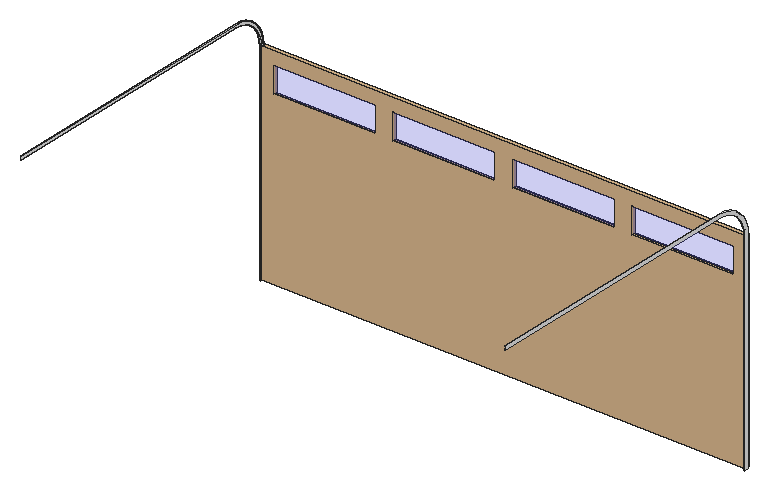
Revit family
Parameters (values of type "7Ft H x 16Ft W")
  Track Width = Width + 0' 2"  # 16' - 2"
  Track Height = Height + 1' 0"  # 8' - 0"
  Track Depth = 10' - 0"
  Track = Metal
  SmartBIM Object Version = 1  # constant formula
  SmartBIM Object Created By = "Reed Construction Data"  # constant formula
  Rough Width = 0' - 0"
  Rough Height = 0' - 0"
  Panel Thickness = 0' - 1 1/2"
  Manufacturer = ""
  Height = 7' - 0"
  Wall Closure = (empty or 0)
  Width = 16' - 0"
  Door Glass = Glass
  Door = Wood
  95 CSI = "08360"  # constant formula
  04 CSI = "08 36 13"  # constant formula
Types (3): name | Track Width | Width
  (no name) | 16' - 2" | 16' - 0"
  7Ft H x 8Ft W | 8' - 2" | 8' - 0"
  7Ft H x 16Ft W | 16' - 2" | 16' - 0"
Reference planes (in)
  plane 1 "Center (Front/Back)": y = 0
  plane 2 "Center (Left/Right)": x = 0
  plane 3 "Left": x = -96
  plane 4 "Right": x = 96
  plane 5 "Top": z = 84
  plane 6: x = -97
  plane 7: x = 97
  plane 8: y = -3.25
  plane 9: z = 68.25
  plane 10: z = 15.75
  plane 11: x = 48
  plane 12: x = -48
  plane 13: y = -2.5
  plane 14: y = -2.5
  plane 15 "Ext": y = -3.25
  plane 16: y = -2.5
  plane 17 "Int": y = -1.75
  plane 18: x = -72
  plane 19: x = -24
  plane 20: x = 24
  plane 21: x = 72
  plane 22: z = 73.75
  plane 23: z = 78.75
  plane 24: z = 5.25
  plane 25: z = 26.25
  plane 26: z = 36.75
  plane 27: z = 47.25
  plane 28: z = 57.75
  plane 29: z = 10.5
  plane 30: z = 15.75
  plane 31: z = 52.5
  plane 32: z = 73.5
  plane 33: z = 0
  plane 34: z = 63
  plane 35: z = 42
  plane 36: z = 21
  plane 37: z = 31.5
Forms (in)
  Extrusion 1, solid, material "Wood" <- "Door"
    sketch origin (0, 0, 0) x (1, 0, 0) y (0, 0, 1)
      loop
        line (-97, 84) -> (-97, 0) -> (97, 0) -> (97, 84) -> (-97, 84)
      loop
        line (92.5, 78.75) -> (51.5, 78.75) -> (51.5, 68.25) -> (92.5, 68.25) -> (92.5, 78.75)
      loop
        line (44.5, 78.75) -> (3.5, 78.75) -> (3.5, 68.25) -> (44.5, 68.25) -> (44.5, 78.75)
      loop
        line (-3.5, 68.25) -> (-3.5, 78.75) -> (-44.5, 78.75) -> (-44.5, 68.25) -> (-3.5, 68.25)
      loop
        line (-51.5, 78.75) -> (-92.5, 78.75) -> (-92.5, 68.25) -> (-51.5, 68.25) -> (-51.5, 78.75)
    from 1.75 to 3.25
  Extrusion 2, solid, material "Glass" <- "Door Glass"
    sketch origin (0, -2.25, 0) x (1, 0, 0) y (0, 0, 1)
      loop
        line (92.5, 78.75) -> (51.5, 78.75) -> (51.5, 68.25) -> (92.5, 68.25) -> (92.5, 78.75)
      loop
        line (44.5, 78.75) -> (3.5, 78.75) -> (3.5, 68.25) -> (44.5, 68.25) -> (44.5, 78.75)
      loop
        line (-3.5, 78.75) -> (-44.5, 78.75) -> (-44.5, 68.25) -> (-3.5, 68.25) -> (-3.5, 78.75)
      loop
        line (-51.5, 78.75) -> (-92.5, 78.75) -> (-92.5, 68.25) -> (-51.5, 68.25) -> (-51.5, 78.75)
    from 0 to 0.5
Lines and regions (in)
  Opening 1
    outline origin (-90, -1.75, 0) x (1, 0, 0) y (0, 0, 1)
      loop
        line (-6, 0) -> (186, 0) -> (186, 84) -> (-6, 84) -> (-6, 0)
  model lines
    curve 1: line (49.5, -1.75, 57.75) -> (49.5, -1.75, 47.25)
    curve 2: line (49.5, -1.75, 47.25) -> (94.5, -1.75, 47.25)
    curve 3: line (94.5, -1.75, 47.25) -> (94.5, -1.75, 57.75)
    curve 4: line (94.5, -1.75, 57.75) -> (49.5, -1.75, 57.75)
    curve 5: line (93, -1.75, 56.25) -> (51, -1.75, 56.25)
    curve 6: line (51, -1.75, 56.25) -> (51, -1.75, 48.75)
    curve 7: line (51, -1.75, 48.75) -> (93, -1.75, 48.75)
    curve 8: line (93, -1.75, 48.75) -> (93, -1.75, 56.25)
    curve 9: line (1.5, -1.75, 57.75) -> (1.5, -1.75, 47.25)
    curve 10: line (1.5, -1.75, 47.25) -> (46.5, -1.75, 47.25)
    curve 11: line (46.5, -1.75, 47.25) -> (46.5, -1.75, 57.75)
    curve 12: line (46.5, -1.75, 57.75) -> (1.5, -1.75, 57.75)
    curve 13: line (45, -1.75, 56.25) -> (3, -1.75, 56.25)
    curve 14: line (3, -1.75, 56.25) -> (3, -1.75, 48.75)
    curve 15: line (3, -1.75, 48.75) -> (45, -1.75, 48.75)
    curve 16: line (45, -1.75, 48.75) -> (45, -1.75, 56.25)
    curve 17: line (-1.5, -1.75, 57.75) -> (-1.5, -1.75, 47.25)
    curve 18: line (-1.5, -1.75, 47.25) -> (-46.5, -1.75, 47.25)
    curve 19: line (-46.5, -1.75, 47.25) -> (-46.5, -1.75, 57.75)
    curve 20: line (-46.5, -1.75, 57.75) -> (-1.5, -1.75, 57.75)
    curve 21: line (-45, -1.75, 56.25) -> (-3, -1.75, 56.25)
    curve 22: line (-3, -1.75, 56.25) -> (-3, -1.75, 48.75)
    curve 23: line (-3, -1.75, 48.75) -> (-45, -1.75, 48.75)
    curve 24: line (-45, -1.75, 48.75) -> (-45, -1.75, 56.25)
    curve 25: line (-94.5, -1.75, 57.75) -> (-94.5, -1.75, 47.25)
    curve 26: line (-94.5, -1.75, 47.25) -> (-49.5, -1.75, 47.25)
    curve 27: line (-49.5, -1.75, 47.25) -> (-49.5, -1.75, 57.75)
    curve 28: line (-49.5, -1.75, 57.75) -> (-94.5, -1.75, 57.75)
    curve 29: line (-51, -1.75, 56.25) -> (-93, -1.75, 56.25)
    curve 30: line (-93, -1.75, 56.25) -> (-93, -1.75, 48.75)
    curve 31: line (-93, -1.75, 48.75) -> (-51, -1.75, 48.75)
    curve 32: line (-51, -1.75, 48.75) -> (-51, -1.75, 56.25)
    curve 33: line (-94.5, -1.75, 36.75) -> (-94.5, -1.75, 26.25)
    curve 34: line (-94.5, -1.75, 26.25) -> (-49.5, -1.75, 26.25)
    curve 35: line (-49.5, -1.75, 26.25) -> (-49.5, -1.75, 36.75)
    curve 36: line (-49.5, -1.75, 36.75) -> (-94.5, -1.75, 36.75)
    curve 37: line (-51, -1.75, 35.25) -> (-93, -1.75, 35.25)
    curve 38: line (-93, -1.75, 35.25) -> (-93, -1.75, 27.75)
    curve 39: line (-93, -1.75, 27.75) -> (-51, -1.75, 27.75)
    curve 40: line (-51, -1.75, 27.75) -> (-51, -1.75, 35.25)
    curve 41: line (-46.5, -1.75, 36.75) -> (-46.5, -1.75, 26.25)
    curve 42: line (-46.5, -1.75, 26.25) -> (-1.5, -1.75, 26.25)
    curve 43: line (-1.5, -1.75, 26.25) -> (-1.5, -1.75, 36.75)
    curve 44: line (-1.5, -1.75, 36.75) -> (-46.5, -1.75, 36.75)
    curve 45: line (-3, -1.75, 35.25) -> (-45, -1.75, 35.25)
    curve 46: line (-45, -1.75, 35.25) -> (-45, -1.75, 27.75)
    curve 47: line (-45, -1.75, 27.75) -> (-3, -1.75, 27.75)
    curve 48: line (-3, -1.75, 27.75) -> (-3, -1.75, 35.25)
    curve 49: line (46.5, -1.75, 36.75) -> (46.5, -1.75, 26.25)
    curve 50: line (46.5, -1.75, 26.25) -> (1.5, -1.75, 26.25)
    curve 51: line (1.5, -1.75, 26.25) -> (1.5, -1.75, 36.75)
    curve 52: line (1.5, -1.75, 36.75) -> (46.5, -1.75, 36.75)
    curve 53: line (3, -1.75, 35.25) -> (45, -1.75, 35.25)
    curve 54: line (45, -1.75, 35.25) -> (45, -1.75, 27.75)
    curve 55: line (45, -1.75, 27.75) -> (3, -1.75, 27.75)
    curve 56: line (3, -1.75, 27.75) -> (3, -1.75, 35.25)
    curve 57: line (49.5, -1.75, 36.75) -> (49.5, -1.75, 26.25)
    curve 58: line (49.5, -1.75, 26.25) -> (94.5, -1.75, 26.25)
    curve 59: line (94.5, -1.75, 26.25) -> (94.5, -1.75, 36.75)
    curve 60: line (94.5, -1.75, 36.75) -> (49.5, -1.75, 36.75)
    curve 61: line (93, -1.75, 35.25) -> (51, -1.75, 35.25)
    curve 62: line (51, -1.75, 35.25) -> (51, -1.75, 27.75)
    curve 63: line (51, -1.75, 27.75) -> (93, -1.75, 27.75)
    curve 64: line (93, -1.75, 27.75) -> (93, -1.75, 35.25)
    curve 65: line (-94.5, -1.75, 5.25) -> (-94.5, -1.75, 15.75)
    curve 66: line (-94.5, -1.75, 15.75) -> (-49.5, -1.75, 15.75)
    curve 67: line (-49.5, -1.75, 15.75) -> (-49.5, -1.75, 5.25)
    curve 68: line (-49.5, -1.75, 5.25) -> (-94.5, -1.75, 5.25)
    curve 69: line (-51, -1.75, 6.75) -> (-93, -1.75, 6.75)
    curve 70: line (-93, -1.75, 6.75) -> (-93, -1.75, 14.25)
    curve 71: line (-93, -1.75, 14.25) -> (-51, -1.75, 14.25)
    curve 72: line (-51, -1.75, 14.25) -> (-51, -1.75, 6.75)
    curve 73: line (-1.5, -1.75, 5.25) -> (-1.5, -1.75, 15.75)
    curve 74: line (-1.5, -1.75, 15.75) -> (-46.5, -1.75, 15.75)
    curve 75: line (-46.5, -1.75, 15.75) -> (-46.5, -1.75, 5.25)
    curve 76: line (-46.5, -1.75, 5.25) -> (-1.5, -1.75, 5.25)
    curve 77: line (-45, -1.75, 6.75) -> (-3, -1.75, 6.75)
    curve 78: line (-3, -1.75, 6.75) -> (-3, -1.75, 14.25)
    curve 79: line (-3, -1.75, 14.25) -> (-45, -1.75, 14.25)
    curve 80: line (-45, -1.75, 14.25) -> (-45, -1.75, 6.75)
    curve 81: line (1.5, -1.75, 5.25) -> (1.5, -1.75, 15.75)
    curve 82: line (1.5, -1.75, 15.75) -> (46.5, -1.75, 15.75)
    curve 83: line (46.5, -1.75, 15.75) -> (46.5, -1.75, 5.25)
    curve 84: line (46.5, -1.75, 5.25) -> (1.5, -1.75, 5.25)
    curve 85: line (45, -1.75, 6.75) -> (3, -1.75, 6.75)
    curve 86: line (3, -1.75, 6.75) -> (3, -1.75, 14.25)
    curve 87: line (3, -1.75, 14.25) -> (45, -1.75, 14.25)
    curve 88: line (45, -1.75, 14.25) -> (45, -1.75, 6.75)
    curve 89: line (94.5, -1.75, 5.25) -> (94.5, -1.75, 15.75)
    curve 90: line (94.5, -1.75, 15.75) -> (49.5, -1.75, 15.75)
    curve 91: line (49.5, -1.75, 15.75) -> (49.5, -1.75, 5.25)
    curve 92: line (49.5, -1.75, 5.25) -> (94.5, -1.75, 5.25)
    curve 93: line (51, -1.75, 6.75) -> (93, -1.75, 6.75)
    curve 94: line (93, -1.75, 6.75) -> (93, -1.75, 14.25)
    curve 95: line (93, -1.75, 14.25) -> (51, -1.75, 14.25)
    curve 96: line (51, -1.75, 14.25) -> (51, -1.75, 6.75)
    curve 97: line (3, -1.75, 56.25) -> (1.5, -1.75, 57.75)
    curve 98: line (3, -1.75, 48.75) -> (1.5, -1.75, 47.25)
    curve 99: line (45, -1.75, 56.25) -> (46.5, -1.75, 57.75)
    curve 100: line (45, -1.75, 48.75) -> (46.5, -1.75, 47.25)
    curve 101: line (93, -1.75, 56.25) -> (94.5, -1.75, 57.75)
    curve 102: line (93, -1.75, 48.75) -> (94.5, -1.75, 47.25)
    curve 103: line (51, -1.75, 56.25) -> (49.5, -1.75, 57.75)
    curve 104: line (51, -1.75, 48.75) -> (49.5, -1.75, 47.25)
    curve 105: line (93, -1.75, 27.75) -> (94.5, -1.75, 26.25)
    curve 106: line (93, -1.75, 35.25) -> (94.5, -1.75, 36.75)
    curve 107: line (51, -1.75, 27.75) -> (49.5, -1.75, 26.25)
    curve 108: line (51, -1.75, 35.25) -> (49.5, -1.75, 36.75)
    curve 109: line (93, -1.75, 14.25) -> (94.5, -1.75, 15.75)
    curve 110: line (93, -1.75, 6.75) -> (94.5, -1.75, 5.25)
    curve 111: line (51, -1.75, 14.25) -> (49.5, -1.75, 15.75)
    curve 112: line (51, -1.75, 6.75) -> (49.5, -1.75, 5.25)
    curve 113: line (3, -1.75, 14.25) -> (1.5, -1.75, 15.75)
    curve 114: line (3, -1.75, 6.75) -> (1.5, -1.75, 5.25)
    curve 115: line (45, -1.75, 14.25) -> (46.5, -1.75, 15.75)
    curve 116: line (45, -1.75, 6.75) -> (46.5, -1.75, 5.25)
    curve 117: line (-3, -1.75, 14.25) -> (-1.5, -1.75, 15.75)
    curve 118: line (-3, -1.75, 6.75) -> (-1.5, -1.75, 5.25)
    curve 119: line (-45, -1.75, 14.25) -> (-46.5, -1.75, 15.75)
    curve 120: line (-45, -1.75, 6.75) -> (-46.5, -1.75, 5.25)
    curve 121: line (-93, -1.75, 14.25) -> (-94.5, -1.75, 15.75)
    curve 122: line (-93, -1.75, 6.75) -> (-94.5, -1.75, 5.25)
    curve 123: line (-51, -1.75, 14.25) -> (-49.5, -1.75, 15.75)
    curve 124: line (-51, -1.75, 6.75) -> (-49.5, -1.75, 5.25)
    curve 125: line (-93, -1.75, 27.75) -> (-94.5, -1.75, 26.25)
    curve 126: line (-93, -1.75, 35.25) -> (-94.5, -1.75, 36.75)
    curve 127: line (-51, -1.75, 27.75) -> (-49.5, -1.75, 26.25)
    curve 128: line (-51, -1.75, 35.25) -> (-49.5, -1.75, 36.75)
    curve 129: line (-3, -1.75, 27.75) -> (-1.5, -1.75, 26.25)
    curve 130: line (-3, -1.75, 35.25) -> (-1.5, -1.75, 36.75)
    curve 131: line (-45, -1.75, 27.75) -> (-46.5, -1.75, 26.25)
    curve 132: line (-45, -1.75, 35.25) -> (-46.5, -1.75, 36.75)
    curve 133: line (3, -1.75, 27.75) -> (1.5, -1.75, 26.25)
    curve 134: line (3, -1.75, 35.25) -> (1.5, -1.75, 36.75)
    curve 135: line (45, -1.75, 27.75) -> (46.5, -1.75, 26.25)
    curve 136: line (45, -1.75, 35.25) -> (46.5, -1.75, 36.75)
    curve 137: line (-3, -1.75, 56.25) -> (-1.5, -1.75, 57.75)
    curve 138: line (-3, -1.75, 48.75) -> (-1.5, -1.75, 47.25)
    curve 139: line (-45, -1.75, 56.25) -> (-46.5, -1.75, 57.75)
    curve 140: line (-45, -1.75, 48.75) -> (-46.5, -1.75, 47.25)
    curve 141: line (-93, -1.75, 56.25) -> (-94.5, -1.75, 57.75)
    curve 142: line (-93, -1.75, 48.75) -> (-94.5, -1.75, 47.25)
    curve 143: line (-51, -1.75, 56.25) -> (-49.5, -1.75, 57.75)
    curve 144: line (-51, -1.75, 48.75) -> (-49.5, -1.75, 47.25)
    curve 145: line (93, -3.25, 56.25) -> (51, -3.25, 56.25)
    curve 146: line (51, -3.25, 56.25) -> (51, -3.25, 48.75)
    curve 147: line (51, -3.25, 48.75) -> (93, -3.25, 48.75)
    curve 148: line (93, -3.25, 48.75) -> (93, -3.25, 56.25)
    curve 149: line (45, -3.25, 56.25) -> (3, -3.25, 56.25)
    curve 150: line (3, -3.25, 56.25) -> (3, -3.25, 48.75)
    curve 151: line (3, -3.25, 48.75) -> (45, -3.25, 48.75)
    curve 152: line (45, -3.25, 48.75) -> (45, -3.25, 56.25)
    curve 153: line (-45, -3.25, 56.25) -> (-3, -3.25, 56.25)
    curve 154: line (-3, -3.25, 56.25) -> (-3, -3.25, 48.75)
    curve 155: line (-3, -3.25, 48.75) -> (-45, -3.25, 48.75)
    curve 156: line (-45, -3.25, 48.75) -> (-45, -3.25, 56.25)
    curve 157: line (-51, -3.25, 56.25) -> (-93, -3.25, 56.25)
    curve 158: line (-93, -3.25, 56.25) -> (-93, -3.25, 48.75)
    curve 159: line (-93, -3.25, 48.75) -> (-51, -3.25, 48.75)
    curve 160: line (-51, -3.25, 48.75) -> (-51, -3.25, 56.25)
    curve 161: line (-51, -3.25, 35.25) -> (-93, -3.25, 35.25)
    curve 162: line (-93, -3.25, 35.25) -> (-93, -3.25, 27.75)
    curve 163: line (-93, -3.25, 27.75) -> (-51, -3.25, 27.75)
    curve 164: line (-51, -3.25, 27.75) -> (-51, -3.25, 35.25)
    curve 165: line (-3, -3.25, 35.25) -> (-45, -3.25, 35.25)
    curve 166: line (-45, -3.25, 35.25) -> (-45, -3.25, 27.75)
    curve 167: line (-45, -3.25, 27.75) -> (-3, -3.25, 27.75)
    curve 168: line (-3, -3.25, 27.75) -> (-3, -3.25, 35.25)
    curve 169: line (3, -3.25, 35.25) -> (45, -3.25, 35.25)
    curve 170: line (45, -3.25, 35.25) -> (45, -3.25, 27.75)
    curve 171: line (45, -3.25, 27.75) -> (3, -3.25, 27.75)
    curve 172: line (3, -3.25, 27.75) -> (3, -3.25, 35.25)
    curve 173: line (93, -3.25, 35.25) -> (51, -3.25, 35.25)
    curve 174: line (51, -3.25, 35.25) -> (51, -3.25, 27.75)
    curve 175: line (51, -3.25, 27.75) -> (93, -3.25, 27.75)
    curve 176: line (93, -3.25, 27.75) -> (93, -3.25, 35.25)
    curve 177: line (93, -3.25, 14.25) -> (51, -3.25, 14.25)
    curve 178: line (51, -3.25, 14.25) -> (51, -3.25, 6.75)
    curve 179: line (51, -3.25, 6.75) -> (93, -3.25, 6.75)
    curve 180: line (93, -3.25, 6.75) -> (93, -3.25, 14.25)
    curve 181: line (3, -3.25, 14.25) -> (45, -3.25, 14.25)
    curve 182: line (45, -3.25, 14.25) -> (45, -3.25, 6.75)
    curve 183: line (45, -3.25, 6.75) -> (3, -3.25, 6.75)
    curve 184: line (3, -3.25, 6.75) -> (3, -3.25, 14.25)
    curve 185: line (-3, -3.25, 14.25) -> (-45, -3.25, 14.25)
    curve 186: line (-45, -3.25, 14.25) -> (-45, -3.25, 6.75)
    curve 187: line (-45, -3.25, 6.75) -> (-3, -3.25, 6.75)
    curve 188: line (-3, -3.25, 6.75) -> (-3, -3.25, 14.25)
    curve 189: line (-93, -3.25, 14.25) -> (-51, -3.25, 14.25)
    curve 190: line (-51, -3.25, 14.25) -> (-51, -3.25, 6.75)
    curve 191: line (-51, -3.25, 6.75) -> (-93, -3.25, 6.75)
    curve 192: line (-93, -3.25, 6.75) -> (-93, -3.25, 14.25)
    curve 193: line (94.5, -3.25, 47.25) -> (94.5, -3.25, 57.75)
    curve 194: line (94.5, -3.25, 57.75) -> (49.5, -3.25, 57.75)
    curve 195: line (49.5, -3.25, 57.75) -> (49.5, -3.25, 47.25)
    curve 196: line (49.5, -3.25, 47.25) -> (94.5, -3.25, 47.25)
    curve 197: line (46.5, -3.25, 57.75) -> (1.5, -3.25, 57.75)
    curve 198: line (1.5, -3.25, 57.75) -> (1.5, -3.25, 47.25)
    curve 199: line (1.5, -3.25, 47.25) -> (46.5, -3.25, 47.25)
    curve 200: line (46.5, -3.25, 47.25) -> (46.5, -3.25, 57.75)
    curve 201: line (-1.5, -3.25, 47.25) -> (-46.5, -3.25, 47.25)
    curve 202: line (-46.5, -3.25, 47.25) -> (-46.5, -3.25, 57.75)
    curve 203: line (-46.5, -3.25, 57.75) -> (-1.5, -3.25, 57.75)
    curve 204: line (-1.5, -3.25, 57.75) -> (-1.5, -3.25, 47.25)
    curve 205: line (-94.5, -3.25, 57.75) -> (-94.5, -3.25, 47.25)
    curve 206: line (-94.5, -3.25, 47.25) -> (-49.5, -3.25, 47.25)
    curve 207: line (-49.5, -3.25, 47.25) -> (-49.5, -3.25, 57.75)
    curve 208: line (-49.5, -3.25, 57.75) -> (-94.5, -3.25, 57.75)
    curve 209: line (-94.5, -3.25, 36.75) -> (-94.5, -3.25, 26.25)
    curve 210: line (-94.5, -3.25, 26.25) -> (-49.5, -3.25, 26.25)
    curve 211: line (-49.5, -3.25, 26.25) -> (-49.5, -3.25, 36.75)
    curve 212: line (-49.5, -3.25, 36.75) -> (-94.5, -3.25, 36.75)
    curve 213: line (-1.5, -3.25, 36.75) -> (-46.5, -3.25, 36.75)
    curve 214: line (-46.5, -3.25, 36.75) -> (-46.5, -3.25, 26.25)
    curve 215: line (-46.5, -3.25, 26.25) -> (-1.5, -3.25, 26.25)
    curve 216: line (-1.5, -3.25, 26.25) -> (-1.5, -3.25, 36.75)
    curve 217: line (1.5, -3.25, 26.25) -> (1.5, -3.25, 36.75)
    curve 218: line (1.5, -3.25, 36.75) -> (46.5, -3.25, 36.75)
    curve 219: line (46.5, -3.25, 36.75) -> (46.5, -3.25, 26.25)
    curve 220: line (46.5, -3.25, 26.25) -> (1.5, -3.25, 26.25)
    curve 221: line (49.5, -3.25, 36.75) -> (49.5, -3.25, 26.25)
    curve 222: line (49.5, -3.25, 26.25) -> (94.5, -3.25, 26.25)
    curve 223: line (94.5, -3.25, 26.25) -> (94.5, -3.25, 36.75)
    curve 224: line (94.5, -3.25, 36.75) -> (49.5, -3.25, 36.75)
    curve 225: line (94.5, -3.25, 5.25) -> (94.5, -3.25, 15.75)
    curve 226: line (94.5, -3.25, 15.75) -> (49.5, -3.25, 15.75)
    curve 227: line (49.5, -3.25, 15.75) -> (49.5, -3.25, 5.25)
    curve 228: line (49.5, -3.25, 5.25) -> (94.5, -3.25, 5.25)
    curve 229: line (46.5, -3.25, 15.75) -> (46.5, -3.25, 5.25)
    curve 230: line (46.5, -3.25, 5.25) -> (1.5, -3.25, 5.25)
    curve 231: line (1.5, -3.25, 5.25) -> (1.5, -3.25, 15.75)
    curve 232: line (1.5, -3.25, 15.75) -> (46.5, -3.25, 15.75)
    curve 233: line (-1.5, -3.25, 5.25) -> (-1.5, -3.25, 15.75)
    curve 234: line (-1.5, -3.25, 15.75) -> (-46.5, -3.25, 15.75)
    curve 235: line (-46.5, -3.25, 15.75) -> (-46.5, -3.25, 5.25)
    curve 236: line (-46.5, -3.25, 5.25) -> (-1.5, -3.25, 5.25)
    curve 237: line (-94.5, -3.25, 15.75) -> (-49.5, -3.25, 15.75)
    curve 238: line (-49.5, -3.25, 15.75) -> (-49.5, -3.25, 5.25)
    curve 239: line (-49.5, -3.25, 5.25) -> (-94.5, -3.25, 5.25)
    curve 240: line (-94.5, -3.25, 5.25) -> (-94.5, -3.25, 15.75)
    curve 241: line (93, -3.25, 56.25) -> (94.5, -3.25, 57.75)
    curve 242: line (51, -3.25, 56.25) -> (49.5, -3.25, 57.75)
    curve 243: line (51, -3.25, 48.75) -> (49.5, -3.25, 47.25)
    curve 244: line (93, -3.25, 48.75) -> (94.5, -3.25, 47.25)
    curve 245: line (45, -3.25, 48.75) -> (46.5, -3.25, 47.25)
    curve 246: line (45, -3.25, 56.25) -> (46.5, -3.25, 57.75)
    curve 247: line (3, -3.25, 56.25) -> (1.5, -3.25, 57.75)
    curve 248: line (3, -3.25, 48.75) -> (1.5, -3.25, 47.25)
    curve 249: line (-3, -3.25, 56.25) -> (-1.5, -3.25, 57.75)
    curve 250: line (-3, -3.25, 48.75) -> (-1.5, -3.25, 47.25)
    curve 251: line (-45, -3.25, 48.75) -> (-46.5, -3.25, 47.25)
    curve 252: line (-45, -3.25, 56.25) -> (-46.5, -3.25, 57.75)
    curve 253: line (-51, -3.25, 56.25) -> (-49.5, -3.25, 57.75)
    curve 254: line (-51, -3.25, 48.75) -> (-49.5, -3.25, 47.25)
    curve 255: line (-93, -3.25, 56.25) -> (-94.5, -3.25, 57.75)
    curve 256: line (-93, -3.25, 48.75) -> (-94.5, -3.25, 47.25)
    curve 257: line (-93, -3.25, 35.25) -> (-94.5, -3.25, 36.75)
    curve 258: line (-93, -3.25, 27.75) -> (-94.5, -3.25, 26.25)
    curve 259: line (-51, -3.25, 27.75) -> (-49.5, -3.25, 26.25)
    curve 260: line (-51, -3.25, 35.25) -> (-49.5, -3.25, 36.75)
    curve 261: line (-45, -3.25, 35.25) -> (-46.5, -3.25, 36.75)
    curve 262: line (-45, -3.25, 27.75) -> (-46.5, -3.25, 26.25)
    curve 263: line (-3, -3.25, 35.25) -> (-1.5, -3.25, 36.75)
    curve 264: line (-3, -3.25, 27.75) -> (-1.5, -3.25, 26.25)
    curve 265: line (3, -3.25, 35.25) -> (1.5, -3.25, 36.75)
    curve 266: line (3, -3.25, 27.75) -> (1.5, -3.25, 26.25)
    curve 267: line (45, -3.25, 27.75) -> (46.5, -3.25, 26.25)
    curve 268: line (45, -3.25, 35.25) -> (46.5, -3.25, 36.75)
    curve 269: line (51, -3.25, 35.25) -> (49.5, -3.25, 36.75)
    curve 270: line (51, -3.25, 27.75) -> (49.5, -3.25, 26.25)
    curve 271: line (93, -3.25, 27.75) -> (94.5, -3.25, 26.25)
    curve 272: line (93, -3.25, 35.25) -> (94.5, -3.25, 36.75)
    curve 273: line (93, -3.25, 14.25) -> (94.5, -3.25, 15.75)
    curve 274: line (93, -3.25, 6.75) -> (94.5, -3.25, 5.25)
    curve 275: line (51, -3.25, 6.75) -> (49.5, -3.25, 5.25)
    curve 276: line (51, -3.25, 14.25) -> (49.5, -3.25, 15.75)
    curve 277: line (45, -3.25, 14.25) -> (46.5, -3.25, 15.75)
    curve 278: line (45, -3.25, 6.75) -> (46.5, -3.25, 5.25)
    curve 279: line (3, -3.25, 6.75) -> (1.5, -3.25, 5.25)
    curve 280: line (3, -3.25, 14.25) -> (1.5, -3.25, 15.75)
    curve 281: line (-3, -3.25, 14.25) -> (-1.5, -3.25, 15.75)
    curve 282: line (-3, -3.25, 6.75) -> (-1.5, -3.25, 5.25)
    curve 283: line (-45, -3.25, 14.25) -> (-46.5, -3.25, 15.75)
    curve 284: line (-45, -3.25, 6.75) -> (-46.5, -3.25, 5.25)
    curve 285: line (-51, -3.25, 14.25) -> (-49.5, -3.25, 15.75)
    curve 286: line (-51, -3.25, 6.75) -> (-49.5, -3.25, 5.25)
    curve 287: line (-93, -3.25, 14.25) -> (-94.5, -3.25, 15.75)
    curve 288: line (-93, -3.25, 6.75) -> (-94.5, -3.25, 5.25)
    curve 289: line (-112.67375, -1.75, 0) -> (112.32625, -1.75, 0)
    curve 290: line (97, -1.75, 64) -> (-97, -1.75, 64)
    curve 291: line (97, -1.75, 62) -> (-97, -1.75, 62)
    curve 292: line (97, -3.25, 62) -> (-97, -3.25, 62)
    curve 293: line (97, -3.25, 64) -> (-97, -3.25, 64)
Text (in)
  text "Exterior" at (-74.96733, 27.31104, 0), in view "Ref. Level"
  text "Interior" at (-76.69036, -30.31274, 0), in view "Ref. Level"
  text "Exterior" at (0, 40.15149, 123.01588), in view "Right"
  text "Interior" at (0, -64.39139, 123.01588), in view "Right"
  text "Interior" at (0, -31.01599, 123.00693), in view "Left"
  text "Exterior" at (0, 54.57065, 123.00693), in view "Left"
Dimensions and locks (in)
  equal spacing: plane 3 "Left", plane 2 "Center (Left/Right)", plane 4 "Right"
  "Width": plane 3 "Left" to plane 4 "Right"
  locked: plane 6 to plane 3 "Left" at 1
  locked: plane 4 "Right" to plane 7 at 1
  equal spacing: plane 2 "Center (Left/Right)", plane 11, plane 4 "Right"
  equal spacing: plane 2 "Center (Left/Right)", plane 12, plane 3 "Left"
  host wall to plane 13 to plane 8 = 0' - 0 3/4", 0' - 0 3/4"
  equal spacing: plane 15 "Ext", plane 16, plane 17 "Int"
  locked: curve 8 to curve 3 at 1.5
  locked: curve 6 to curve 1 at 1.5
  locked: curve 16 to curve 11 at 1.5
  locked: curve 14 to curve 9 at 1.5
  locked: curve 17 to curve 22 at 1.5
  locked: curve 32 to curve 27 at 1.5
  locked: curve 25 to curve 30 at 1.5
  "Panel Thickness": plane 17 "Int" to plane 15 "Ext"
  equal spacing: plane 11, plane 21, plane 4 "Right"
  equal spacing: plane 11, plane 20, plane 2 "Center (Left/Right)"
  equal spacing: plane 2 "Center (Left/Right)", plane 19, plane 12
  equal spacing: plane 3 "Left", plane 18, plane 12
  plane 22 to plane 9 = 0' - 5 1/2"
  "Height": level to plane 5 "Top"
  equal spacing: level, plane 24, plane 29, plane 30, plane 36, plane 25, plane 37, plane 26, plane 35, plane 27, plane 31, plane 28, plane 34, plane 9, plane 32, plane 23, plane 5 "Top"
  locked: Extrusion 2 to Extrusion 2 at 0.5
  locked: Extrusion 2 to Extrusion 1 at 0.5
  locked: plane 34 to curve 290 at 1
  locked: curve 291 to plane 34 at 1
  aligned and locked: plane 3 "Left" to Opening 1 sketch curve
  aligned and locked: plane 5 "Top" to Opening 1 sketch curve
  aligned and locked: Opening 1 sketch curve to plane 5 "Top"
  aligned and locked: Opening 1 sketch curve to plane 4 "Right"
  aligned and locked: Opening 1 sketch curve to level
  aligned and locked: Extrusion 1 sketch curve to plane 6
  aligned and locked: Extrusion 1 sketch curve to plane 7
  aligned and locked: Extrusion 1 sketch curve to level
  aligned and locked: Extrusion 1 sketch curve to host wall
  aligned and locked: plane 13 to plane 14
  aligned and locked: host wall to plane 17 "Int"
  aligned and locked: plane 14 to plane 16
  aligned and locked: plane 15 "Ext" to Extrusion 1
  aligned and locked: Extrusion 1 to host wall
  aligned and locked: curve 74 to plane 10
  aligned and locked: plane 24 to curve 76
  aligned and locked: plane 10 to curve 82
  aligned and locked: curve 84 to plane 24
  aligned and locked: curve 90 to plane 10
  aligned and locked: plane 24 to curve 92
  aligned and locked: plane 26 to curve 60
  aligned and locked: plane 26 to curve 52
  aligned and locked: plane 26 to curve 44
  aligned and locked: curve 44 to curve 36
  aligned and locked: plane 25 to curve 58
  aligned and locked: curve 50 to plane 25
  aligned and locked: plane 25 to curve 42
  aligned and locked: plane 25 to curve 34
  aligned and locked: plane 27 to curve 2
  aligned and locked: curve 10 to curve 2
  aligned and locked: curve 18 to plane 27
  aligned and locked: plane 27 to curve 26
  aligned and locked: plane 28 to curve 28
  aligned and locked: plane 28 to curve 20
  aligned and locked: curve 12 to plane 28
  aligned and locked: curve 4 to plane 28
  aligned and locked: curve 145 to curve 5
  aligned and locked: curve 146 to curve 6
  aligned and locked: curve 147 to curve 7
  aligned and locked: curve 148 to curve 8
  aligned and locked: curve 149 to curve 13
  aligned and locked: curve 150 to curve 14
  aligned and locked: curve 151 to curve 15
  aligned and locked: curve 152 to curve 16
  aligned and locked: curve 153 to curve 21
  aligned and locked: curve 154 to curve 22
  aligned and locked: curve 155 to curve 23
  aligned and locked: curve 156 to curve 24
  aligned and locked: curve 157 to curve 29
  aligned and locked: curve 158 to curve 30
  aligned and locked: curve 159 to curve 31
  aligned and locked: curve 160 to curve 32
  aligned and locked: curve 161 to curve 37
  aligned and locked: curve 162 to curve 38
  aligned and locked: curve 163 to curve 39
  aligned and locked: curve 164 to curve 40
  aligned and locked: curve 165 to curve 45
  aligned and locked: curve 166 to curve 46
  aligned and locked: curve 167 to curve 47
  aligned and locked: curve 168 to curve 48
  aligned and locked: curve 169 to curve 53
  aligned and locked: curve 170 to curve 54
  aligned and locked: curve 171 to curve 55
  aligned and locked: curve 172 to curve 56
  aligned and locked: curve 173 to curve 61
  aligned and locked: curve 174 to curve 62
  aligned and locked: curve 175 to curve 63
  aligned and locked: curve 176 to curve 64
  aligned and locked: curve 177 to curve 95
  aligned and locked: curve 178 to curve 96
  aligned and locked: curve 179 to curve 93
  aligned and locked: curve 180 to curve 94
  aligned and locked: curve 181 to curve 87
  aligned and locked: curve 182 to curve 88
  aligned and locked: curve 183 to curve 85
  aligned and locked: curve 184 to curve 86
  aligned and locked: curve 185 to curve 79
  aligned and locked: curve 186 to curve 80
  aligned and locked: curve 187 to curve 77
  aligned and locked: curve 188 to curve 78
  aligned and locked: curve 189 to curve 71
  aligned and locked: curve 190 to curve 72
  aligned and locked: curve 191 to curve 69
  aligned and locked: curve 192 to curve 70
  aligned and locked: curve 193 to curve 3
  aligned and locked: curve 194 to curve 4
  aligned and locked: curve 195 to curve 1
  aligned and locked: curve 196 to curve 2
  aligned and locked: curve 197 to curve 12
  aligned and locked: curve 198 to curve 9
  aligned and locked: curve 199 to curve 10
  aligned and locked: curve 200 to curve 11
  aligned and locked: curve 201 to curve 18
  aligned and locked: curve 202 to curve 19
  aligned and locked: curve 203 to curve 20
  aligned and locked: curve 204 to curve 17
  aligned and locked: curve 205 to curve 25
  aligned and locked: curve 206 to curve 26
  aligned and locked: curve 207 to curve 27
  aligned and locked: curve 208 to curve 28
  aligned and locked: curve 209 to curve 33
  aligned and locked: curve 210 to curve 34
  aligned and locked: curve 211 to curve 35
  aligned and locked: curve 212 to curve 36
  aligned and locked: curve 213 to curve 44
  aligned and locked: curve 214 to curve 41
  aligned and locked: curve 215 to curve 42
  aligned and locked: curve 216 to curve 43
  aligned and locked: curve 217 to curve 51
  aligned and locked: curve 218 to curve 52
  aligned and locked: curve 219 to curve 49
  aligned and locked: curve 220 to curve 50
  aligned and locked: curve 221 to curve 57
  aligned and locked: curve 222 to curve 58
  aligned and locked: curve 223 to curve 59
  aligned and locked: curve 224 to curve 60
  aligned and locked: curve 225 to curve 89
  aligned and locked: curve 226 to curve 90
  aligned and locked: curve 227 to curve 91
  aligned and locked: curve 228 to curve 92
  aligned and locked: curve 229 to curve 83
  aligned and locked: curve 230 to curve 84
  aligned and locked: curve 231 to curve 81
  aligned and locked: curve 232 to curve 82
  aligned and locked: curve 233 to curve 73
  aligned and locked: curve 234 to curve 74
  aligned and locked: curve 235 to curve 75
  aligned and locked: curve 236 to curve 76
  aligned and locked: curve 237 to curve 66
  aligned and locked: curve 238 to curve 67
  aligned and locked: curve 239 to curve 68
  aligned and locked: curve 240 to curve 65
  aligned and locked: curve 241 to curve 101
  aligned and locked: curve 242 to curve 103
  aligned and locked: curve 243 to curve 104
  aligned and locked: curve 244 to curve 102
  aligned and locked: curve 245 to curve 100
  aligned and locked: curve 246 to curve 99
  aligned and locked: curve 247 to curve 97
  aligned and locked: curve 248 to curve 98
  aligned and locked: curve 249 to curve 137
  aligned and locked: curve 250 to curve 138
  aligned and locked: curve 251 to curve 140
  aligned and locked: curve 252 to curve 139
  aligned and locked: curve 253 to curve 143
  aligned and locked: curve 254 to curve 144
  aligned and locked: curve 255 to curve 141
  aligned and locked: curve 256 to curve 142
  aligned and locked: curve 257 to curve 126
  aligned and locked: curve 258 to curve 125
  aligned and locked: curve 259 to curve 127
  aligned and locked: curve 260 to curve 128
  aligned and locked: curve 261 to curve 132
  aligned and locked: curve 262 to curve 131
  aligned and locked: curve 263 to curve 130
  aligned and locked: curve 264 to curve 129
  aligned and locked: curve 265 to curve 134
  aligned and locked: curve 266 to curve 133
  aligned and locked: curve 267 to curve 135
  aligned and locked: curve 268 to curve 136
  aligned and locked: curve 269 to curve 108
  aligned and locked: curve 270 to curve 107
  aligned and locked: curve 271 to curve 105
  aligned and locked: curve 272 to curve 106
  aligned and locked: curve 273 to curve 109
  aligned and locked: curve 274 to curve 110
  aligned and locked: curve 275 to curve 112
  aligned and locked: curve 276 to curve 111
  aligned and locked: curve 277 to curve 115
  aligned and locked: curve 278 to curve 116
  aligned and locked: curve 279 to curve 114
  aligned and locked: curve 280 to curve 113
  aligned and locked: curve 281 to curve 117
  aligned and locked: curve 282 to curve 118
  aligned and locked: curve 283 to curve 119
  aligned and locked: curve 284 to curve 120
  aligned and locked: curve 285 to curve 123
  aligned and locked: curve 286 to curve 124
  aligned and locked: curve 287 to curve 121
  aligned and locked: curve 288 to curve 122
  aligned and locked: curve 289 to host wall
  aligned and locked: curve 289 to Extrusion 1
  aligned and locked: plane 10 to plane 30
  aligned and locked: level to curve 289
  aligned and locked: Extrusion 1 to plane 33
  aligned and locked: Extrusion 1 sketch curve to plane 23  (x4)
  aligned and locked: plane 9 to Extrusion 1 sketch curve  (x4)
  aligned and locked: Extrusion 2 sketch curve to plane 23  (x4)
  aligned and locked: plane 9 to Extrusion 2 sketch curve  (x4)
  aligned and locked: curve 292 to curve 291
  aligned and locked: curve 293 to curve 290
  aligned and locked: nested 1 to plane 2 "Center (Left/Right)"
  aligned and locked: nested 1 to plane 15 "Ext"
Automatic sketch dimensions
  Extrusion 1 sketch curve to plane 3 "Left" = 0' - 3 1/2"
  plane 12 to Extrusion 1 sketch curve = 0' - 3 1/2"
  Extrusion 1 sketch curve to plane 12 = 0' - 3 1/2"
  Extrusion 1 sketch curve to plane 2 "Center (Left/Right)" = 0' - 3 1/2"
  plane 2 "Center (Left/Right)" to Extrusion 1 sketch curve = 0' - 3 1/2"
  plane 11 to Extrusion 1 sketch curve = 0' - 3 1/2"
  Extrusion 1 sketch curve to plane 11 = 0' - 3 1/2"
  plane 4 "Right" to Extrusion 1 sketch curve = 0' - 3 1/2"
  curve 122 to plane 24 = 0' - 0"
  curve 121 to plane 10 = 0' - 0"
  curve 28 to plane 3 "Left" = 0' - 1 1/2"
  curve 126 to plane 3 "Left" = 0' - 1 1/2"
  curve 122 to plane 3 "Left" = 0' - 1 1/2"
  curve 65 to curve 121 = 0' - 1 1/2"
  curve 33 to curve 126 = 0' - 1 1/2"
  plane 12 to curve 39 = 0' - 3"
  plane 12 to curve 72 = 0' - 3"
  plane 12 to curve 32 = 0' - 3"
  plane 12 to curve 68 = 0' - 1 1/2"
  plane 12 to curve 128 = 0' - 1 1/2"
  curve 19 to plane 12 = 0' - 1 1/2"
  curve 120 to plane 12 = 0' - 1 1/2"
  curve 131 to plane 12 = 0' - 1 1/2"
  curve 41 to curve 46 = 0' - 1 1/2"
  curve 18 to curve 23 = 0' - 1 1/2"
  curve 75 to curve 77 = 0' - 1 1/2"
  curve 23 to plane 2 "Center (Left/Right)" = 0' - 3"
  curve 118 to plane 2 "Center (Left/Right)" = 0' - 3"
  curve 130 to plane 2 "Center (Left/Right)" = 0' - 3"
  curve 73 to plane 2 "Center (Left/Right)" = 0' - 1 1/2"
  curve 44 to plane 2 "Center (Left/Right)" = 0' - 1 1/2"
  plane 2 "Center (Left/Right)" to curve 98 = 0' - 1 1/2"
  plane 2 "Center (Left/Right)" to curve 134 = 0' - 1 1/2"
  plane 2 "Center (Left/Right)" to curve 114 = 0' - 1 1/2"
  curve 81 to curve 113 = 0' - 1 1/2"
  curve 51 to curve 56 = 0' - 1 1/2"
  plane 11 to curve 88 = 0' - 3"
  plane 11 to curve 100 = 0' - 3"
  plane 11 to curve 54 = 0' - 3"
  plane 11 to curve 116 = 0' - 1 1/2"
  plane 11 to curve 49 = 0' - 1 1/2"
  curve 107 to plane 11 = 0' - 1 1/2"
  curve 90 to plane 11 = 0' - 1 1/2"
  curve 104 to plane 11 = 0' - 1 1/2"
  curve 91 to curve 112 = 0' - 1 1/2"
  curve 57 to curve 63 = 0' - 1 1/2"
  plane 4 "Right" to curve 94 = 0' - 3"
  plane 4 "Right" to curve 101 = 0' - 3"
  plane 4 "Right" to curve 105 = 0' - 3"
  plane 4 "Right" to curve 109 = 0' - 1 1/2"
  plane 4 "Right" to curve 106 = 0' - 1 1/2"
  plane 24 to curve 114 = 0' - 1 1/2"
  plane 24 to curve 80 = 0' - 1 1/2"
  plane 24 to curve 72 = 0' - 1 1/2"
  plane 24 to curve 94 = 0' - 1 1/2"
  curve 121 to plane 10 = 0' - 1 1/2"
  curve 109 to plane 10 = 0' - 1 1/2"
  curve 119 to plane 10 = 0' - 1 1/2"
  curve 113 to plane 10 = 0' - 1 1/2"
  plane 25 to curve 135 = 0' - 1 1/2"
  plane 25 to curve 62 = 0' - 1 1/2"
  plane 25 to curve 125 = 0' - 1 1/2"
  plane 25 to curve 48 = 0' - 1 1/2"
  curve 108 to plane 26 = 0' - 1 1/2"
  curve 130 to plane 26 = 0' - 1 1/2"
  curve 128 to plane 26 = 0' - 1 1/2"
  curve 134 to plane 26 = 0' - 1 1/2"
  plane 27 to curve 104 = 0' - 1 1/2"
  plane 27 to curve 144 = 0' - 1 1/2"
  plane 27 to curve 14 = 0' - 1 1/2"
  plane 27 to curve 22 = 0' - 1 1/2"
  curve 24 to plane 28 = 0' - 1 1/2"
  curve 29 to plane 28 = 0' - 1 1/2"
  curve 5 to plane 28 = 0' - 1 1/2"
  curve 16 to plane 28 = 0' - 1 1/2"
  Extrusion 2 sketch curve to plane 3 "Left" = 0' - 3 1/2"
  plane 12 to Extrusion 2 sketch curve = 0' - 3 1/2"
  Extrusion 2 sketch curve to plane 12 = 0' - 3 1/2"
  Extrusion 2 sketch curve to plane 2 "Center (Left/Right)" = 0' - 3 1/2"
  plane 2 "Center (Left/Right)" to Extrusion 2 sketch curve = 0' - 3 1/2"
  plane 11 to Extrusion 2 sketch curve = 0' - 3 1/2"
  Extrusion 2 sketch curve to plane 11 = 0' - 3 1/2"
  plane 4 "Right" to Extrusion 2 sketch curve = 0' - 3 1/2"
  curve 290 to plane 6 = 0' - 0"
  curve 290 to plane 7 = 0' - 0"
  curve 291 to plane 6 = 0' - 0"
  curve 291 to plane 7 = 0' - 0"
  curve 292 to plane 6 = 0' - 0"
  curve 292 to plane 7 = 0' - 0"
  curve 293 to plane 6 = 0' - 0"
  curve 293 to plane 7 = 0' - 0"
Nested families (in)
  nested 1: "Door Track" at (-0.5, -64, 0), Width <- "Track Width", Height <- "Track Height", Depth <- "Track Depth", type "Door Track"
    with Width 16' - 2", Height 8' - 0", Depth 10' - 0"
Definition of nested family "Door Track"
  Parameters
    Width [instance] = 10' - 0"
    Track = Metal
    Height [instance] = 11' - 0"
    Depth [instance] = 10' - 0"
  Reference planes (in)
    plane 1 "Center (Front/Back)": y = 0
    plane 2: z = 0
    plane 3 "Center (Left/Right)": x = 0.5
    plane 4 "Back": y = 60
    plane 5 "Front": y = -60
    plane 6 "Left": x = -59.5
    plane 7 "Right": x = 60.5
    plane 8 "Top": z = 132
    plane 9 "Center (Up/Down)": z = 66
    plane 10: y = 60.75
    plane 11: y = 61.5
  Forms (in)
    Sweep 1, solid, material "Metal" <- "Track"
      path origin (60.5, 60, 48) x (0, 1, 0) y (0, 0, 1)
        loop
          line (0, -48) -> (0, 72)
          arc (0, 72) -> (-3.51472, 80.48528) -> (-12, 84) r 12
          line (-12, 84) -> (-120, 84)
      profile origin (60.5, -6, 132) x (0, 0, -1) y (1, 0, 0)
        loop
          line (-1.5, 0) -> (-1.375, 0) -> (-1.375, 0.375) -> (-0.125, 0.375) -> (-0.125, 0) -> (0, 0) -> (0, 0.5) -> (-1.5, 0.5) -> (-1.5, 0)
    Sweep 2, solid, material "Metal" <- "Track"
      path origin (-59.5, 60, 48) x (0, 1, 0) y (0, 0, 1)
        loop
          line (0, -48) -> (0, 72)
          arc (0, 72) -> (-3.51472, 80.48528) -> (-12, 84) r 12
          line (-12, 84) -> (-120, 84)
      profile origin (-59.5, -6, 132) x (0, 0, -1) y (1, 0, 0)
        loop
          line (-1.5, 0) -> (-1.5, -0.5) -> (0, -0.5) -> (0, 0) -> (-0.125, 0) -> (-0.125, -0.375) -> (-1.375, -0.375) -> (-1.375, 0) -> (-1.5, 0)
  Dimensions and locks (in)
    equal spacing: plane 6 "Left", plane 3 "Center (Left/Right)", plane 7 "Right"
    "Width": plane 6 "Left" to plane 7 "Right"
    equal spacing: plane 4 "Back", plane 1 "Center (Front/Back)", plane 5 "Front"
    "Depth": plane 4 "Back" to plane 5 "Front"
    "Height": plane 8 "Top" to plane 2
    equal spacing: plane 8 "Top", plane 9 "Center (Up/Down)", level
    locked: Sweep 2 sketch curve to Sweep 2 sketch curve at 0.125  (x3)
    locked: Sweep 2 sketch curve to Sweep 2 sketch curve at 0.5  (x2)
    locked: Sweep 2 sketch curve to Sweep 2 sketch curve at 1.5
    locked: Sweep 1 sketch curve to Sweep 1 sketch curve at 0.5  (x2)
    locked: Sweep 1 sketch curve to Sweep 1 sketch curve at 0.125  (x3)
    locked: Sweep 1 sketch curve to Sweep 1 sketch curve at 1.5
    equal spacing: plane 4 "Back", plane 10, plane 11
    locked: plane 10 to plane 11 at 0.75
    radius of Sweep 1 sketch curve = 1' - 0"
    radius of Sweep 2 sketch curve = 1' - 0"
    aligned and locked: plane 8 "Top" to Sweep 1 sketch curve  (x2)
    aligned and locked: plane 5 "Front" to Sweep 1 sketch curve
    aligned and locked: plane 4 "Back" to Sweep 1 sketch curve
    aligned and locked: plane 4 "Back" to Sweep 2 sketch curve
    aligned and locked: plane 5 "Front" to Sweep 2 sketch curve
    aligned and locked: level to Sweep 2 sketch curve
    aligned and locked: Sweep 2 sketch curve to profile plane  (x2)
    aligned and locked: Sweep 1 sketch curve to profile plane
    aligned and locked: plane 11 to Sweep 1
  Automatic sketch dimensions
    Sweep 1 sketch curve to level = 0' - 0"
    Sweep 2 sketch curve to plane 8 "Top" = 0' - 0"
